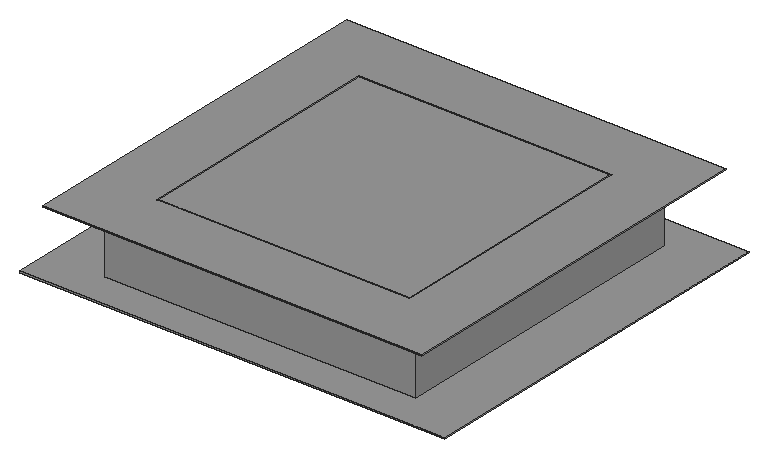
Revit family "Unterflur-Gerätedose - UGD 250-3 9- OBO", category Generic Models, Revit 2017
Family settings
  Can host rebar = No
  Round Connector Dimension = Use Diameter
  Part Type = Normal
  Work Plane-Based = No
  Always vertical = Yes
  Cut with Voids When Loaded = No
  Shared = No
  Room Calculation Point = No
Parameters (values of type "UGD 250-3 9")
  URL = "http://www.obo-bettermann.com"
  Material = Strip galvanised
  Manufacturer Art.No. = "7410087"
  Manufacturer = "OBO BETTERMANN"
  GTIN = "4012195431749"
  Article Type = "UGD 250-3 9"
Reference planes
  plane 1 "Center (Front/Back)": y = 0
  plane 2: z = 0
  plane 3 "Center (Left/Right)": x = 0
  plane 4: z = 1
  plane 5: x = 205
  plane 6: y = 183.5
  plane 7: y = 333.5
  plane 8: x = 355
  plane 9: x = 55
  plane 10: y = 33.5
  plane 11: z = 64
  plane 12: x = 21.5
  plane 13: x = 388.5
  plane 14: z = 65
  plane 15: y = 305.5
  plane 16: x = 83
  plane 17: y = 61.5
  plane 18: x = 327
Forms (mm)
  Extrusion 1, solid, material "Strip galvanised"
    sketch origin (0, 0, 0) x (1, 0, 0) y (0, 1, 0)
      loop
        line (0, 0) -> (410, 0) -> (410, 367) -> (0, 367) -> (0, 0)
    from 0 to 1
  Extrusion 2, solid, material "Strip galvanised" <- "Material"
    sketch origin (0, 0, 0) x (1, 0, 0) y (0, 1, 0)
      loop
        line (55, 333.5) -> (55, 33.5) -> (355, 33.5) -> (355, 333.5) -> (55, 333.5)
      loop
        line (56, 332.5) -> (56, 34.5) -> (354, 34.5) -> (354, 332.5) -> (56, 332.5)
    from 1 to 64
  Extrusion 3, solid, material "Strip galvanised" <- "Material"
    sketch origin (0, 0, 0) x (1, 0, 0) y (0, 1, 0)
      loop
        line (21.5, 367) -> (21.5, 0) -> (388.5, 0) -> (388.5, 367) -> (21.5, 367)
    from 64 to 65
  Extrusion 4, void
    sketch origin (0, 0, 0) x (1, 0, 0) y (0, 1, 0)
      loop
        line (83, 305.5) -> (83, 61.5) -> (327, 61.5) -> (327, 305.5) -> (83, 305.5)
      loop
        line (84, 304.5) -> (84, 62.5) -> (326, 62.5) -> (326, 304.5) -> (84, 304.5)
    from 64 to 65
Cuts and joins
  Extrusion 4 cuts Extrusion 1
  Extrusion 4 cuts Extrusion 3
Dimensions and locks
  locked: Extrusion 1 sketch curve to Extrusion 1 sketch curve at 367
  locked: Extrusion 1 sketch curve to Extrusion 1 sketch curve at 410
  locked: Extrusion 1 to plane 5 at 205
  locked: Extrusion 1 to plane 6 at 183.5
  plane 5 to plane 8 = 150 mm
  plane 7 to plane 6 = 150 mm
  locked: Extrusion 2 sketch curve to Extrusion 2 sketch curve at 300  (x2)
  locked: Extrusion 2 sketch curve to Extrusion 2 sketch curve at 298  (x2)
  locked: Extrusion 1 to Extrusion 2 at 63
  locked: plane 12 to plane 5 at 183.5
  locked: plane 5 to plane 13 at 183.5
  locked: Extrusion 1 to Extrusion 1 at 367
  locked: Extrusion 3 sketch curve to Extrusion 3 sketch curve at 367
  locked: plane 15 to plane 6 at 122
  locked: plane 6 to plane 17 at 122
  locked: plane 16 to plane 5 at 122
  plane 15 to plane 6 = 122 mm
  locked: plane 5 to plane 18 at 122
  aligned and locked: level to plane 2
  aligned and locked: plane 1 "Center (Front/Back)" to Extrusion 1 sketch curve
  aligned and locked: Extrusion 1 to plane 4
  aligned and locked: Extrusion 2 to Extrusion 1
  aligned and locked: Extrusion 2 to plane 11
  aligned and locked: Extrusion 3 to Extrusion 2
  aligned and locked: Extrusion 3 to plane 14
  aligned and locked: Extrusion 4 to Extrusion 2
  aligned and locked: Extrusion 4 to plane 14
  aligned and locked: Extrusion 4 sketch curve to plane 15
  aligned and locked: Extrusion 4 sketch curve to plane 16
  aligned and locked: Extrusion 4 sketch curve to plane 17
  aligned and locked: Extrusion 4 sketch curve to plane 18
